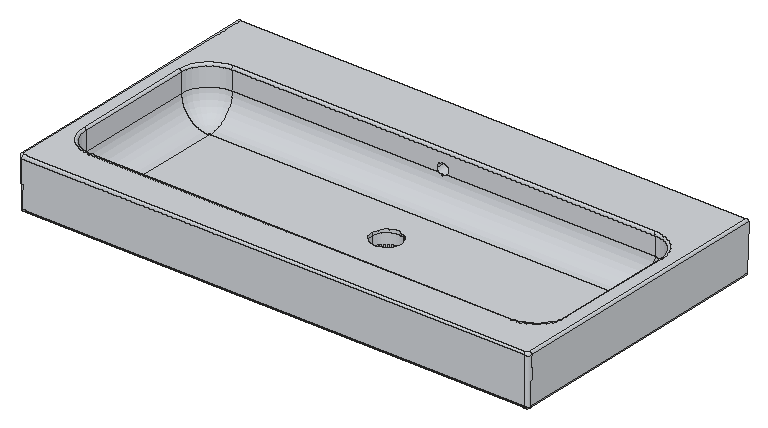
Revit family "NLRS_74_PF_UN_wastafel_S8308200000_SPHINX_BCB", category Plumbing Fixtures, Revit 2016
Family settings
  Part Type = Normal
  Round Connector Dimension = Use Diameter
  OmniClass Number = 23.45.00.00
  OmniClass Title = Sanitary, Laundry, and Cleaning Equipment
  Work Plane-Based = No
  Always vertical = Yes
  Cut with Voids When Loaded = No
  Shared = No
  Room Calculation Point = No
Parameters
  NLRS_C_type = "Wastafel zonder kraangat en met overloop"
  NLRS_C_serie = "345"
  NLRS_C_revit_versie = "2016"
  NLRS_C_content_versie = "2.0"
  NLRS_C_content_provider = "BouwConnect"
  NLRS_C_content_datum_uitgifte = "APR-2018"
  NLRS_C_content_datum_gewijzigd = "APR-2018"
  NLRS_C_content_creator = "BouwConnect"
  NLRS_C_URL_product_data = "http://www.sphinx.nl/producten/wastafels-%7C-fonteinen/wastafels/sphinx-345-%7C-wastafel-120-cm/29182/"
  URL = "http://www.sphinx.nl/"
  Type Comments = ""
  NLRS_S_gewicht = 10.00 kg
  NLRS_C_materiaal = none
  NLRS_C_lengte = 485 mm
  NLRS_C_hoogte = 160 mm
  NLRS_C_diameter_uit = 45 mm
  NLRS_C_diameter_in = 35 mm
  NLRS_C_breedte = 1200 mm
  Model = ""
  Manufacturer = "Sphinx"
  Keynote = ""
  IfcTypeProduct = "IfcSanitaryTerminalType"
  IfcExportType = "SINK"
  IfcExportAs = "IfcSanitaryTerminalTypeEnum"
  IfcElement = "IfcFlowTerminal"
  NLRS_C_code_EAN = "8711754369696"
  Description = "wastafel"
  NLRS_C_URL_BCB = "http://bcb-online.nl/?zoekterm=Sphinx+++%5bGeberit+B.V.%5d"
  Assembly Code = "47.11"
Reference planes
  plane 1 "Center (Front/Back)": y = 0
  plane 2: z = 0
  plane 3 "Center (Left/Right)": x = 0
Forms (mm)
  Extrusion 1, solid, detail levels medium+fine
    sketch origin (0, 0, 0) x (1, 0, 0) y (0, 1, 0)
      loop
        line (-455.561, 0) -> (-455.561, -492.239)
        arc (-455.561, -492.239) -> (-455.268, -492.946) -> (-454.561, -493.239) r 1
        line (-454.561, -493.239) -> (454.439, -493.239)
        arc (454.439, -493.239) -> (455.146, -492.946) -> (455.439, -492.239) r 1
        line (455.439, -492.239) -> (455.439, 0) -> (-455.561, 0)
    from -89.999 to 0
  Sweep 2, void, detail levels medium+fine
    path origin (0, 0, 0) x (1, 0, 0) y (0, 1, 0)
      loop
        line (-449.844, 0) -> (-449.844, -477.932)
        arc (-449.844, -477.932) -> (-447.773, -482.93) -> (-442.775, -485) r 7.068
        line (-442.775, -485) -> (443.088, -485)
        arc (443.088, -485) -> (448.086, -482.93) -> (450.156, -477.932) r 7.068
        line (450.156, -477.932) -> (450.156, 0)
    profile origin (-449.844, -238.966, 0) x (1, 0, 0) y (0, 0, 1)
      loop
        arc (0.047, -4.094) -> (1.184, -1.205) -> (4.046, 0) r 4
        line (4.046, 0) -> (4.046, 1) -> (-13.879, 1) -> (-13.879, -92.278) -> (5.975, -92.278) -> (5.975, -89.999)
        arc (5.975, -89.999) -> (3.18, -88.86) -> (1.976, -86.093) r 4
        line (1.976, -86.093) -> (0.047, -4.094)
  Sweep 3, void, detail levels medium+fine
    path origin (4000.313, 0, 0) x (-1, 0, 0) y (0, -1, 0)
      loop
        arc (4372.656, 110) -> (4408.012, 124.645) -> (4422.656, 160) r 50
        line (4422.656, 160) -> (4422.656, 370)
        arc (4422.656, 370) -> (4408.012, 405.355) -> (4372.656, 420) r 50
        line (4372.656, 420) -> (3627.656, 420)
        arc (3627.656, 420) -> (3592.301, 405.355) -> (3577.656, 370) r 50
        line (3577.656, 370) -> (3577.656, 160)
        arc (3577.656, 160) -> (3592.301, 124.645) -> (3627.656, 110) r 50
        line (3627.656, 110) -> (4372.656, 110)
    profile origin (0.156, -110, 0) x (0, 1, 0) y (0, 0, 1)
      loop
        arc (0, -4) -> (1.172, -1.172) -> (4, 0) r 4
        line (4, 0) -> (5, 0) -> (5, 24) -> (-49, 24) -> (-49, -85) -> (-48, -85)
        arc (-48, -85) -> (-14.059, -70.942) -> (0, -37) r 48
        line (0, -37) -> (0, -4)
  Extrusion 4, void, detail levels medium+fine
    sketch origin (1000.313, 0, 0) x (-1, 0, 0) y (0, -1, 0)
      loop
        arc (1373.156, 158.5) -> (1373.863, 158.793) -> (1374.156, 159.5) r 1
        line (1374.156, 159.5) -> (1374.156, 370.5)
        arc (1374.156, 370.5) -> (1373.863, 371.207) -> (1373.156, 371.5) r 1
        line (1373.156, 371.5) -> (627.156, 371.5)
        arc (627.156, 371.5) -> (626.449, 371.207) -> (626.156, 370.5) r 1
        line (626.156, 370.5) -> (626.156, 159.5)
        arc (626.156, 159.5) -> (626.449, 158.793) -> (627.156, 158.5) r 1
        line (627.156, 158.5) -> (1373.156, 158.5)
    from -85 to 20
  Revolve 5, solid, detail levels medium+fine
    sketch origin (0, 49.876, 0) x (0, 1, 0) y (0, 0, -1)
      loop
        arc (-164.53, 90) -> (-201.281, 106.802) -> (-241.315, 112.294) r 138.656
        line (-241.315, 112.294) -> (-284.896, 112.294) -> (-284.896, 90) -> (-164.53, 90)
      axis (-284.896, 90) -> (-284.896, 112.294)
    angle from 0 to 360
  Revolve 6, solid, detail levels medium+fine
    sketch origin (42.5, -235, -10.005) x (-1, 0, 0) y (0, 0, -1)
      loop
        line (6.298, 98.528) -> (16.241, 98.528) -> (16.241, 150) -> (14.241, 150)
        arc (14.241, 150) -> (10.089, 148.332) -> (8.246, 144.255) r 6
        line (8.246, 144.255) -> (6.298, 98.528)
      axis (42.5, 150) -> (42.5, 98.528)
    angle from 0 to 360
  Extrusion 7, void, detail levels medium+fine
    sketch origin (42.5, 55, 0) x (-1, 0, 0) y (0, -1, 0)
      loop
        circle (42.5, 290) r 26.25
    from -193.205 to 24
  Extrusion 8, solid, detail levels medium+fine
    sketch origin (0.313, 0, 0) x (-1, 0, 0) y (0, 0, -1)
      loop
        line (-377.748, 133.402) -> (-381.87, 89.953) -> (382.183, 89.953) -> (378.06, 133.402)
        arc (378.06, 133.402) -> (374.834, 139.855) -> (368.105, 142.458) r 10
        line (368.105, 142.458) -> (349.355, 142.458) -> (340.44, 138) -> (314.923, 138)
        arc (314.923, 138) -> (308.874, 135.963) -> (305.289, 130.682) r 10
        line (305.289, 130.682) -> (302.959, 122.313)
        arc (302.959, 122.313) -> (299.374, 117.032) -> (293.326, 114.995) r 10
        line (293.326, 114.995) -> (-293.013, 114.995)
        arc (-293.013, 114.995) -> (-299.062, 117.032) -> (-302.647, 122.313) r 10
        line (-302.647, 122.313) -> (-304.977, 130.682)
        arc (-304.977, 130.682) -> (-308.562, 135.963) -> (-314.611, 138) r 10
        line (-314.611, 138) -> (-339.848, 138) -> (-348.763, 142.458) -> (-367.793, 142.458)
        arc (-367.793, 142.458) -> (-374.522, 139.855) -> (-377.748, 133.402) r 10
    from 0 to 42
  Extrusion 9, void, detail levels medium+fine
    sketch origin (42.5, 0, -30) x (-1, 0, 0) y (0, 0, -1)
      loop
        circle (42.5, 0) r 10
    from 40 to 150
  Extrusion 10, solid, detail levels medium+fine
    sketch origin (-78.538, -15.612, 0) x (-0.34202, 0.939693, 0) y (0, 0, 1)
      loop
        line (-404.656, -90) -> (-392.823, -107.084)
        arc (-392.823, -107.084) -> (-383.718, -115.653) -> (-371.91, -119.766) r 30
        arc (-371.91, -119.766) -> (-177.08, -137.656) -> (18.513, -142.378) r 2902.067
        line (18.513, -142.378) -> (18.513, -90) -> (-404.656, -90)
    from 0 to 20
  Extrusion 11, void, detail levels medium+fine
    sketch origin (0, 0, 0) x (0, 1, 0) y (0, 0, 1)
      loop
        line (20, -149.995) -> (20, -84.995) -> (0, -84.995) -> (0, -114.995)
        arc (0, -114.995) -> (-14.664, -140.098) -> (-42, -149.995) r 42.7
        line (-42, -149.995) -> (20, -149.995)
    from -89.774 to -45.028
  Extrusion 12, solid, not visible, detail levels medium+fine
    sketch origin (0, 0, 0) x (1, 0, 0) y (0, 1, 0)
      loop
        circle (-0.002, -234.713) r 26.25
    from -165 to -160.005
  Extrusion 13, solid, detail levels coarse
    sketch origin (-0.046, 0, 0) x (1, 0, 0) y (0, 1, 0)
      loop
        line (-449.798, 0) -> (-449.798, -485) -> (450.202, -485) -> (450.202, 0) -> (-449.798, 0)
    from -90 to 0
  Extrusion 14, void, detail levels coarse
    sketch origin (-1000.046, 0, 0) x (1, 0, 0) y (0, 1, 0)
      loop
        arc (627.656, -110) -> (592.301, -124.645) -> (577.656, -160) r 50
        line (577.656, -160) -> (577.656, -370)
        arc (577.656, -370) -> (592.301, -405.355) -> (627.656, -420) r 50
        line (627.656, -420) -> (1372.656, -420)
        arc (1372.656, -420) -> (1408.012, -405.355) -> (1422.656, -370) r 50
        line (1422.656, -370) -> (1422.656, -160)
        arc (1422.656, -160) -> (1408.012, -124.645) -> (1372.656, -110) r 50
        line (1372.656, -110) -> (627.656, -110)
    from -80 to 100
Cuts and joins
  Extrusion 7 cuts Revolve 5
  Sweep 2, Sweep 3, Extrusion 4, Extrusion 7, Extrusion 9 cuts Extrusion 1
  Extrusion 7, Extrusion 11 cuts Extrusion 10
  joined: Extrusion 1, Extrusion 8, Extrusion 10
  Extrusion 14 cuts Extrusion 13
Dimensions and locks
  aligned and locked: level to plane 2
